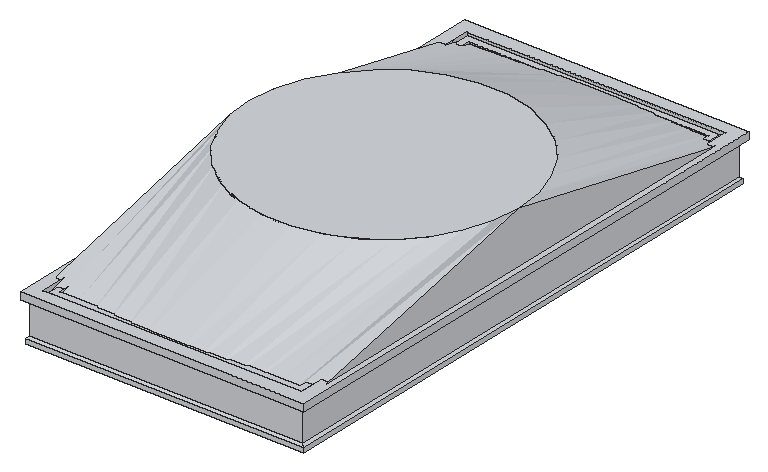
Revit family "M18", category Air Terminals, host Face, Revit 2025
Family settings
  Host = Face
  Round Connector Dimension = Use Diameter
  Part Type = Normal
  Cut with Voids When Loaded = No
  Maintain Annotation Orientation = Yes
  Shared = No
  Room Calculation Point = No
Parameters (values of type "Standard")
  X = 1/8"
  Width = 24"
  W = 5/16"
  V = 9/16"
  Length = 12"
  L = K - J  # 1 1/4"
  K = 2 1/2"
  J = 1 1/4"
  Duct Width/2 [instance] = Duct Width / 2  # 6"
  Duct Width [instance] = 12"
  Duct Height [instance] = 12"
  Default Elevation = 48"
  D' -3/4 = D' - 3/4"  # 11 1/4"
  D' -1/2 = D' - 1/2"  # 11 1/2"
  D' +1 3/4 = D' + 1 3/4"  # 13 3/4"
  D' = D / 2  # 12"
  D = 24"
Reference planes (in)
  plane 1 "Center (Front/Back)": y = 0
  plane 2: z = 0
  plane 3 "Center (Left/Right)": x = 0
  plane 4: x = 0
  plane 5: y = 0
Forms (in)
  Sweep 1, solid, detail levels medium+fine
    path origin (0.00024, -36, 1.12815) x (0, -1, 0) y (1, 0, 0)
      loop
        line (-48, -6.00024) -> (-24, -6.00024) -> (-24, 5.99976) -> (-48, 5.99976) -> (-48, -6.00024)
    profile origin (0, 12, 1.12815) x (0, 1, 0) y (0, 0, 1)
      loop
        line (-0.03676, -2.58251) -> (-0.13924, -2.68499) -> (-0.13924, -2.87026) -> (0.13924, -2.87026) -> (0.13924, -2.68499) -> (0.03676, -2.58251) -> (0.03676, -1.12815) -> (0.28125, -1.12815) -> (0.28125, -0.81565) -> (-0.28125, -0.81565) -> (-0.28125, -1.12815) -> (-0.03676, -1.12815) -> (-0.03676, -2.58251)
      loop
        line (-0.69236, -0.89539) -> (-0.69236, -0.9719) -> (-0.50139, -0.9719) -> (-0.50139, -1.24976) -> (-0.19275, -1.24976) -> (-0.19275, -1.18961) -> (-0.42802, -1.18961) -> (-0.42802, -0.89539) -> (-0.69236, -0.89539)
      loop
        line (-0.75, -2.2298) -> (-0.69236, -2.2298) -> (-0.69236, -1.0668) -> (-0.60874, -1.0668) -> (-0.60874, -1.3168) -> (-0.5554, -1.3168) -> (-0.5554, -1.01055) -> (-0.75, -1.01055) -> (-0.75, -2.2298)
  Extrusion 2, solid, detail levels medium
    sketch origin (0, 0, 0) x (1, 0, 0) y (0, 1, 0)
      loop
        line (-5.71875, 11.71875) -> (-5.71875, 11.57198) -> (5.57198, 11.57198) -> (5.57198, 11.71875) -> (-5.71875, 11.71875)
    from 0 to -1.04566
  Extrusion 3, solid, detail levels medium
    sketch origin (0, -23.29073, 0) x (1, 0, 0) y (0, 1, 0)
      loop
        line (-5.71875, 11.71875) -> (-5.71875, 11.57198) -> (5.57198, 11.57198) -> (5.57198, 11.71875) -> (-5.71875, 11.71875)
    from 0 to -1.04566
  Extrusion 4, solid, detail levels medium
    sketch origin (0, -0.68502, 0) x (1, 0, 0) y (0, 1, 0)
      loop
        line (-5.71875, 11.71875) -> (-5.71875, 11.57198) -> (5.57198, 11.57198) -> (5.57198, 11.71875) -> (-5.71875, 11.71875)
    from 0 to -1.04566
  Extrusion 5, solid, detail levels medium
    sketch origin (0, -1.37004, 0) x (1, 0, 0) y (0, 1, 0)
      loop
        line (-5.71875, 11.71875) -> (-5.71875, 11.57198) -> (5.57198, 11.57198) -> (5.57198, 11.71875) -> (-5.71875, 11.71875)
    from 0 to -1.04566
  Extrusion 6, solid, detail levels medium
    sketch origin (0, -2.05506, 0) x (1, 0, 0) y (0, 1, 0)
      loop
        line (-5.71875, 11.71875) -> (-5.71875, 11.57198) -> (5.57198, 11.57198) -> (5.57198, 11.71875) -> (-5.71875, 11.71875)
    from 0 to -1.04566
  Extrusion 7, solid, detail levels medium
    sketch origin (0, -2.74009, 0) x (1, 0, 0) y (0, 1, 0)
      loop
        line (-5.71875, 11.71875) -> (-5.71875, 11.57198) -> (5.57198, 11.57198) -> (5.57198, 11.71875) -> (-5.71875, 11.71875)
    from 0 to -1.04566
  Extrusion 8, solid, detail levels medium
    sketch origin (0, -3.42511, 0) x (1, 0, 0) y (0, 1, 0)
      loop
        line (-5.71875, 11.71875) -> (-5.71875, 11.57198) -> (5.57198, 11.57198) -> (5.57198, 11.71875) -> (-5.71875, 11.71875)
    from 0 to -1.04566
  Extrusion 9, solid, detail levels medium
    sketch origin (0, -4.11013, 0) x (1, 0, 0) y (0, 1, 0)
      loop
        line (-5.71875, 11.71875) -> (-5.71875, 11.57198) -> (5.57198, 11.57198) -> (5.57198, 11.71875) -> (-5.71875, 11.71875)
    from 0 to -1.04566
  Extrusion 10, solid, detail levels medium
    sketch origin (0, -4.79515, 0) x (1, 0, 0) y (0, 1, 0)
      loop
        line (-5.71875, 11.71875) -> (-5.71875, 11.57198) -> (5.57198, 11.57198) -> (5.57198, 11.71875) -> (-5.71875, 11.71875)
    from 0 to -1.04566
  Extrusion 11, solid, detail levels medium
    sketch origin (0, -5.48017, 0) x (1, 0, 0) y (0, 1, 0)
      loop
        line (-5.71875, 11.71875) -> (-5.71875, 11.57198) -> (5.57198, 11.57198) -> (5.57198, 11.71875) -> (-5.71875, 11.71875)
    from 0 to -1.04566
  Extrusion 12, solid, detail levels medium
    sketch origin (0, -6.16519, 0) x (1, 0, 0) y (0, 1, 0)
      loop
        line (-5.71875, 11.71875) -> (-5.71875, 11.57198) -> (5.57198, 11.57198) -> (5.57198, 11.71875) -> (-5.71875, 11.71875)
    from 0 to -1.04566
  Extrusion 13, solid, detail levels medium
    sketch origin (0, -6.85021, 0) x (1, 0, 0) y (0, 1, 0)
      loop
        line (-5.71875, 11.71875) -> (-5.71875, 11.57198) -> (5.57198, 11.57198) -> (5.57198, 11.71875) -> (-5.71875, 11.71875)
    from 0 to -1.04566
  Extrusion 14, solid, detail levels medium
    sketch origin (0, -7.53524, 0) x (1, 0, 0) y (0, 1, 0)
      loop
        line (-5.71875, 11.71875) -> (-5.71875, 11.57198) -> (5.57198, 11.57198) -> (5.57198, 11.71875) -> (-5.71875, 11.71875)
    from 0 to -1.04566
  Extrusion 15, solid, detail levels medium
    sketch origin (0, -8.22026, 0) x (1, 0, 0) y (0, 1, 0)
      loop
        line (-5.71875, 11.71875) -> (-5.71875, 11.57198) -> (5.57198, 11.57198) -> (5.57198, 11.71875) -> (-5.71875, 11.71875)
    from 0 to -1.04566
  Extrusion 16, solid, detail levels medium
    sketch origin (0, -8.90528, 0) x (1, 0, 0) y (0, 1, 0)
      loop
        line (-5.71875, 11.71875) -> (-5.71875, 11.57198) -> (5.57198, 11.57198) -> (5.57198, 11.71875) -> (-5.71875, 11.71875)
    from 0 to -1.04566
  Extrusion 17, solid, detail levels medium
    sketch origin (0, -9.5903, 0) x (1, 0, 0) y (0, 1, 0)
      loop
        line (-5.71875, 11.71875) -> (-5.71875, 11.57198) -> (5.57198, 11.57198) -> (5.57198, 11.71875) -> (-5.71875, 11.71875)
    from 0 to -1.04566
  Extrusion 18, solid, detail levels medium
    sketch origin (0, -10.27532, 0) x (1, 0, 0) y (0, 1, 0)
      loop
        line (-5.71875, 11.71875) -> (-5.71875, 11.57198) -> (5.57198, 11.57198) -> (5.57198, 11.71875) -> (-5.71875, 11.71875)
    from 0 to -1.04566
  Extrusion 19, solid, detail levels medium
    sketch origin (0, -10.96034, 0) x (1, 0, 0) y (0, 1, 0)
      loop
        line (-5.71875, 11.71875) -> (-5.71875, 11.57198) -> (5.57198, 11.57198) -> (5.57198, 11.71875) -> (-5.71875, 11.71875)
    from 0 to -1.04566
  Extrusion 20, solid, detail levels medium
    sketch origin (0, -11.64536, 0) x (1, 0, 0) y (0, 1, 0)
      loop
        line (-5.71875, 11.71875) -> (-5.71875, 11.57198) -> (5.57198, 11.57198) -> (5.57198, 11.71875) -> (-5.71875, 11.71875)
    from 0 to -1.04566
  Extrusion 21, solid, detail levels medium
    sketch origin (0, -12.33038, 0) x (1, 0, 0) y (0, 1, 0)
      loop
        line (-5.71875, 11.71875) -> (-5.71875, 11.57198) -> (5.57198, 11.57198) -> (5.57198, 11.71875) -> (-5.71875, 11.71875)
    from 0 to -1.04566
  Extrusion 22, solid, detail levels medium
    sketch origin (0, -13.01541, 0) x (1, 0, 0) y (0, 1, 0)
      loop
        line (-5.71875, 11.71875) -> (-5.71875, 11.57198) -> (5.57198, 11.57198) -> (5.57198, 11.71875) -> (-5.71875, 11.71875)
    from 0 to -1.04566
  Extrusion 23, solid, detail levels medium
    sketch origin (0, -13.70043, 0) x (1, 0, 0) y (0, 1, 0)
      loop
        line (-5.71875, 11.71875) -> (-5.71875, 11.57198) -> (5.57198, 11.57198) -> (5.57198, 11.71875) -> (-5.71875, 11.71875)
    from 0 to -1.04566
  Extrusion 24, solid, detail levels medium
    sketch origin (0, -14.38545, 0) x (1, 0, 0) y (0, 1, 0)
      loop
        line (-5.71875, 11.71875) -> (-5.71875, 11.57198) -> (5.57198, 11.57198) -> (5.57198, 11.71875) -> (-5.71875, 11.71875)
    from 0 to -1.04566
  Extrusion 25, solid, detail levels medium
    sketch origin (0, -15.07047, 0) x (1, 0, 0) y (0, 1, 0)
      loop
        line (-5.71875, 11.71875) -> (-5.71875, 11.57198) -> (5.57198, 11.57198) -> (5.57198, 11.71875) -> (-5.71875, 11.71875)
    from 0 to -1.04566
  Extrusion 26, solid, detail levels medium
    sketch origin (0, -15.75549, 0) x (1, 0, 0) y (0, 1, 0)
      loop
        line (-5.71875, 11.71875) -> (-5.71875, 11.57198) -> (5.57198, 11.57198) -> (5.57198, 11.71875) -> (-5.71875, 11.71875)
    from 0 to -1.04566
  Extrusion 27, solid, detail levels medium
    sketch origin (0, -16.44051, 0) x (1, 0, 0) y (0, 1, 0)
      loop
        line (-5.71875, 11.71875) -> (-5.71875, 11.57198) -> (5.57198, 11.57198) -> (5.57198, 11.71875) -> (-5.71875, 11.71875)
    from 0 to -1.04566
  Extrusion 28, solid, detail levels medium
    sketch origin (0, -17.12553, 0) x (1, 0, 0) y (0, 1, 0)
      loop
        line (-5.71875, 11.71875) -> (-5.71875, 11.57198) -> (5.57198, 11.57198) -> (5.57198, 11.71875) -> (-5.71875, 11.71875)
    from 0 to -1.04566
  Extrusion 29, solid, detail levels medium
    sketch origin (0, -17.81056, 0) x (1, 0, 0) y (0, 1, 0)
      loop
        line (-5.71875, 11.71875) -> (-5.71875, 11.57198) -> (5.57198, 11.57198) -> (5.57198, 11.71875) -> (-5.71875, 11.71875)
    from 0 to -1.04566
  Extrusion 30, solid, detail levels medium
    sketch origin (0, -18.49558, 0) x (1, 0, 0) y (0, 1, 0)
      loop
        line (-5.71875, 11.71875) -> (-5.71875, 11.57198) -> (5.57198, 11.57198) -> (5.57198, 11.71875) -> (-5.71875, 11.71875)
    from 0 to -1.04566
  Extrusion 31, solid, detail levels medium
    sketch origin (0, -19.1806, 0) x (1, 0, 0) y (0, 1, 0)
      loop
        line (-5.71875, 11.71875) -> (-5.71875, 11.57198) -> (5.57198, 11.57198) -> (5.57198, 11.71875) -> (-5.71875, 11.71875)
    from 0 to -1.04566
  Extrusion 32, solid, detail levels medium
    sketch origin (0, -19.86562, 0) x (1, 0, 0) y (0, 1, 0)
      loop
        line (-5.71875, 11.71875) -> (-5.71875, 11.57198) -> (5.57198, 11.57198) -> (5.57198, 11.71875) -> (-5.71875, 11.71875)
    from 0 to -1.04566
  Extrusion 33, solid, detail levels medium
    sketch origin (0, -20.55064, 0) x (1, 0, 0) y (0, 1, 0)
      loop
        line (-5.71875, 11.71875) -> (-5.71875, 11.57198) -> (5.57198, 11.57198) -> (5.57198, 11.71875) -> (-5.71875, 11.71875)
    from 0 to -1.04566
  Extrusion 34, solid, detail levels medium
    sketch origin (0, -21.23566, 0) x (1, 0, 0) y (0, 1, 0)
      loop
        line (-5.71875, 11.71875) -> (-5.71875, 11.57198) -> (5.57198, 11.57198) -> (5.57198, 11.71875) -> (-5.71875, 11.71875)
    from 0 to -1.04566
  Extrusion 35, solid, detail levels medium
    sketch origin (0, -21.92068, 0) x (1, 0, 0) y (0, 1, 0)
      loop
        line (-5.71875, 11.71875) -> (-5.71875, 11.57198) -> (5.57198, 11.57198) -> (5.57198, 11.71875) -> (-5.71875, 11.71875)
    from 0 to -1.04566
  Extrusion 36, solid, detail levels medium
    sketch origin (0, -22.60571, 0) x (1, 0, 0) y (0, 1, 0)
      loop
        line (-5.71875, 11.71875) -> (-5.71875, 11.57198) -> (5.57198, 11.57198) -> (5.57198, 11.71875) -> (-5.71875, 11.71875)
    from 0 to -1.04566
  Extrusion 37, solid, detail levels medium
    sketch origin (0, 0, 0) x (1, 0, 0) y (0, 1, 0)
      loop
        line (5.4446, 11.71875) -> (5.4446, -11.71875) -> (5.57198, -11.71875) -> (5.57198, 11.71875) -> (5.4446, 11.71875)
    from 0 to -1.04566
  Extrusion 38, solid, detail levels medium
    sketch origin (-11.16335, 0, 0) x (1, 0, 0) y (0, 1, 0)
      loop
        line (5.4446, 11.71875) -> (5.4446, -11.71875) -> (5.57198, -11.71875) -> (5.57198, 11.71875) -> (5.4446, 11.71875)
    from 0 to -1.04566
  Extrusion 39, solid, detail levels medium
    sketch origin (-0.58754, 0, 0) x (1, 0, 0) y (0, 1, 0)
      loop
        line (5.4446, 11.71875) -> (5.4446, -11.71875) -> (5.57198, -11.71875) -> (5.57198, 11.71875) -> (5.4446, 11.71875)
    from 0 to -1.04566
  Extrusion 40, solid, detail levels medium
    sketch origin (-1.17509, 0, 0) x (1, 0, 0) y (0, 1, 0)
      loop
        line (5.4446, 11.71875) -> (5.4446, -11.71875) -> (5.57198, -11.71875) -> (5.57198, 11.71875) -> (5.4446, 11.71875)
    from 0 to -1.04566
  Extrusion 41, solid, detail levels medium
    sketch origin (-1.76263, 0, 0) x (1, 0, 0) y (0, 1, 0)
      loop
        line (5.4446, 11.71875) -> (5.4446, -11.71875) -> (5.57198, -11.71875) -> (5.57198, 11.71875) -> (5.4446, 11.71875)
    from 0 to -1.04566
  Extrusion 42, solid, detail levels medium
    sketch origin (-2.35018, 0, 0) x (1, 0, 0) y (0, 1, 0)
      loop
        line (5.4446, 11.71875) -> (5.4446, -11.71875) -> (5.57198, -11.71875) -> (5.57198, 11.71875) -> (5.4446, 11.71875)
    from 0 to -1.04566
  Extrusion 43, solid, detail levels medium
    sketch origin (-2.93772, 0, 0) x (1, 0, 0) y (0, 1, 0)
      loop
        line (5.4446, 11.71875) -> (5.4446, -11.71875) -> (5.57198, -11.71875) -> (5.57198, 11.71875) -> (5.4446, 11.71875)
    from 0 to -1.04566
  Extrusion 44, solid, detail levels medium
    sketch origin (-3.52527, 0, 0) x (1, 0, 0) y (0, 1, 0)
      loop
        line (5.4446, 11.71875) -> (5.4446, -11.71875) -> (5.57198, -11.71875) -> (5.57198, 11.71875) -> (5.4446, 11.71875)
    from 0 to -1.04566
  Extrusion 45, solid, detail levels medium
    sketch origin (-4.11281, 0, 0) x (1, 0, 0) y (0, 1, 0)
      loop
        line (5.4446, 11.71875) -> (5.4446, -11.71875) -> (5.57198, -11.71875) -> (5.57198, 11.71875) -> (5.4446, 11.71875)
    from 0 to -1.04566
  Extrusion 46, solid, detail levels medium
    sketch origin (-4.70036, 0, 0) x (1, 0, 0) y (0, 1, 0)
      loop
        line (5.4446, 11.71875) -> (5.4446, -11.71875) -> (5.57198, -11.71875) -> (5.57198, 11.71875) -> (5.4446, 11.71875)
    from 0 to -1.04566
  Extrusion 47, solid, detail levels medium
    sketch origin (-5.2879, 0, 0) x (1, 0, 0) y (0, 1, 0)
      loop
        line (5.4446, 11.71875) -> (5.4446, -11.71875) -> (5.57198, -11.71875) -> (5.57198, 11.71875) -> (5.4446, 11.71875)
    from 0 to -1.04566
  Extrusion 48, solid, detail levels medium
    sketch origin (-5.87545, 0, 0) x (1, 0, 0) y (0, 1, 0)
      loop
        line (5.4446, 11.71875) -> (5.4446, -11.71875) -> (5.57198, -11.71875) -> (5.57198, 11.71875) -> (5.4446, 11.71875)
    from 0 to -1.04566
  Extrusion 49, solid, detail levels medium
    sketch origin (-6.46299, 0, 0) x (1, 0, 0) y (0, 1, 0)
      loop
        line (5.4446, 11.71875) -> (5.4446, -11.71875) -> (5.57198, -11.71875) -> (5.57198, 11.71875) -> (5.4446, 11.71875)
    from 0 to -1.04566
  Extrusion 50, solid, detail levels medium
    sketch origin (-7.05054, 0, 0) x (1, 0, 0) y (0, 1, 0)
      loop
        line (5.4446, 11.71875) -> (5.4446, -11.71875) -> (5.57198, -11.71875) -> (5.57198, 11.71875) -> (5.4446, 11.71875)
    from 0 to -1.04566
  Extrusion 51, solid, detail levels medium
    sketch origin (-7.63808, 0, 0) x (1, 0, 0) y (0, 1, 0)
      loop
        line (5.4446, 11.71875) -> (5.4446, -11.71875) -> (5.57198, -11.71875) -> (5.57198, 11.71875) -> (5.4446, 11.71875)
    from 0 to -1.04566
  Extrusion 52, solid, detail levels medium
    sketch origin (-8.22563, 0, 0) x (1, 0, 0) y (0, 1, 0)
      loop
        line (5.4446, 11.71875) -> (5.4446, -11.71875) -> (5.57198, -11.71875) -> (5.57198, 11.71875) -> (5.4446, 11.71875)
    from 0 to -1.04566
  Extrusion 53, solid, detail levels medium
    sketch origin (-8.81317, 0, 0) x (1, 0, 0) y (0, 1, 0)
      loop
        line (5.4446, 11.71875) -> (5.4446, -11.71875) -> (5.57198, -11.71875) -> (5.57198, 11.71875) -> (5.4446, 11.71875)
    from 0 to -1.04566
  Extrusion 54, solid, detail levels medium
    sketch origin (-9.40072, 0, 0) x (1, 0, 0) y (0, 1, 0)
      loop
        line (5.4446, 11.71875) -> (5.4446, -11.71875) -> (5.57198, -11.71875) -> (5.57198, 11.71875) -> (5.4446, 11.71875)
    from 0 to -1.04566
  Extrusion 55, solid, detail levels medium
    sketch origin (-9.98826, 0, 0) x (1, 0, 0) y (0, 1, 0)
      loop
        line (5.4446, 11.71875) -> (5.4446, -11.71875) -> (5.57198, -11.71875) -> (5.57198, 11.71875) -> (5.4446, 11.71875)
    from 0 to -1.04566
  Extrusion 56, solid, detail levels medium
    sketch origin (-10.5758, 0, 0) x (1, 0, 0) y (0, 1, 0)
      loop
        line (5.4446, 11.71875) -> (5.4446, -11.71875) -> (5.57198, -11.71875) -> (5.57198, 11.71875) -> (5.4446, 11.71875)
    from 0 to -1.04566
  Extrusion 57, solid, not visible, detail levels medium
    sketch origin (0, 0, 0) x (1, 0, 0) y (0, 1, 0)
      loop
        line (5.4446, 11.71875) -> (5.4446, -11.71875) -> (5.57198, -11.71875) -> (5.57198, 11.71875) -> (5.4446, 11.71875)
    from 0 to -1.04566
  Extrusion 58, solid, not visible, detail levels medium
    sketch origin (0, 0, 0) x (1, 0, 0) y (0, 1, 0)
      loop
        line (-5.71875, 11.71875) -> (-5.71875, 11.57198) -> (5.57198, 11.57198) -> (5.57198, 11.71875) -> (-5.71875, 11.71875)
    from 0 to -1.04566
  Extrusion 59, solid, not visible, detail levels medium
    sketch origin (0, 0, 0) x (1, 0, 0) y (0, 1, 0)
      loop
        line (-5.71875, 11.71875) -> (-5.71875, 11.57198) -> (5.57198, 11.57198) -> (5.57198, 11.71875) -> (-5.71875, 11.71875)
    from 0 to -1.04566
  Extrusion 60, solid, not visible, detail levels medium
    sketch origin (0, -23.29073, 0) x (1, 0, 0) y (0, 1, 0)
      loop
        line (-5.71875, 11.71875) -> (-5.71875, 11.57198) -> (5.57198, 11.57198) -> (5.57198, 11.71875) -> (-5.71875, 11.71875)
    from 0 to -1.04566
  Extrusion 61, solid, not visible, detail levels medium
    sketch origin (0, -0.68502, 0) x (1, 0, 0) y (0, 1, 0)
      loop
        line (-5.71875, 11.71875) -> (-5.71875, 11.57198) -> (5.57198, 11.57198) -> (5.57198, 11.71875) -> (-5.71875, 11.71875)
    from 0 to -1.04566
  Extrusion 62, solid, not visible, detail levels medium
    sketch origin (0, -1.37004, 0) x (1, 0, 0) y (0, 1, 0)
      loop
        line (-5.71875, 11.71875) -> (-5.71875, 11.57198) -> (5.57198, 11.57198) -> (5.57198, 11.71875) -> (-5.71875, 11.71875)
    from 0 to -1.04566
  Extrusion 63, solid, not visible, detail levels medium
    sketch origin (0, -2.05506, 0) x (1, 0, 0) y (0, 1, 0)
      loop
        line (-5.71875, 11.71875) -> (-5.71875, 11.57198) -> (5.57198, 11.57198) -> (5.57198, 11.71875) -> (-5.71875, 11.71875)
    from 0 to -1.04566
  Extrusion 64, solid, not visible, detail levels medium
    sketch origin (0, -2.74009, 0) x (1, 0, 0) y (0, 1, 0)
      loop
        line (-5.71875, 11.71875) -> (-5.71875, 11.57198) -> (5.57198, 11.57198) -> (5.57198, 11.71875) -> (-5.71875, 11.71875)
    from 0 to -1.04566
  Extrusion 65, solid, not visible, detail levels medium
    sketch origin (0, -3.42511, 0) x (1, 0, 0) y (0, 1, 0)
      loop
        line (-5.71875, 11.71875) -> (-5.71875, 11.57198) -> (5.57198, 11.57198) -> (5.57198, 11.71875) -> (-5.71875, 11.71875)
    from 0 to -1.04566
  Extrusion 66, solid, not visible, detail levels medium
    sketch origin (0, -4.11013, 0) x (1, 0, 0) y (0, 1, 0)
      loop
        line (-5.71875, 11.71875) -> (-5.71875, 11.57198) -> (5.57198, 11.57198) -> (5.57198, 11.71875) -> (-5.71875, 11.71875)
    from 0 to -1.04566
  Extrusion 67, solid, not visible, detail levels medium
    sketch origin (0, -4.79515, 0) x (1, 0, 0) y (0, 1, 0)
      loop
        line (-5.71875, 11.71875) -> (-5.71875, 11.57198) -> (5.57198, 11.57198) -> (5.57198, 11.71875) -> (-5.71875, 11.71875)
    from 0 to -1.04566
  Extrusion 68, solid, not visible, detail levels medium
    sketch origin (0, -5.48017, 0) x (1, 0, 0) y (0, 1, 0)
      loop
        line (-5.71875, 11.71875) -> (-5.71875, 11.57198) -> (5.57198, 11.57198) -> (5.57198, 11.71875) -> (-5.71875, 11.71875)
    from 0 to -1.04566
  Extrusion 69, solid, not visible, detail levels medium
    sketch origin (0, -6.16519, 0) x (1, 0, 0) y (0, 1, 0)
      loop
        line (-5.71875, 11.71875) -> (-5.71875, 11.57198) -> (5.57198, 11.57198) -> (5.57198, 11.71875) -> (-5.71875, 11.71875)
    from 0 to -1.04566
  Extrusion 70, solid, not visible, detail levels medium
    sketch origin (0, -6.85021, 0) x (1, 0, 0) y (0, 1, 0)
      loop
        line (-5.71875, 11.71875) -> (-5.71875, 11.57198) -> (5.57198, 11.57198) -> (5.57198, 11.71875) -> (-5.71875, 11.71875)
    from 0 to -1.04566
  Extrusion 71, solid, not visible, detail levels medium
    sketch origin (0, -7.53524, 0) x (1, 0, 0) y (0, 1, 0)
      loop
        line (-5.71875, 11.71875) -> (-5.71875, 11.57198) -> (5.57198, 11.57198) -> (5.57198, 11.71875) -> (-5.71875, 11.71875)
    from 0 to -1.04566
  Extrusion 72, solid, not visible, detail levels medium
    sketch origin (0, -8.22026, 0) x (1, 0, 0) y (0, 1, 0)
      loop
        line (-5.71875, 11.71875) -> (-5.71875, 11.57198) -> (5.57198, 11.57198) -> (5.57198, 11.71875) -> (-5.71875, 11.71875)
    from 0 to -1.04566
  Extrusion 73, solid, not visible, detail levels medium
    sketch origin (0, -8.90528, 0) x (1, 0, 0) y (0, 1, 0)
      loop
        line (-5.71875, 11.71875) -> (-5.71875, 11.57198) -> (5.57198, 11.57198) -> (5.57198, 11.71875) -> (-5.71875, 11.71875)
    from 0 to -1.04566
  Extrusion 74, solid, not visible, detail levels medium
    sketch origin (0, -9.5903, 0) x (1, 0, 0) y (0, 1, 0)
      loop
        line (-5.71875, 11.71875) -> (-5.71875, 11.57198) -> (5.57198, 11.57198) -> (5.57198, 11.71875) -> (-5.71875, 11.71875)
    from 0 to -1.04566
  Extrusion 75, solid, not visible, detail levels medium
    sketch origin (0, -10.27532, 0) x (1, 0, 0) y (0, 1, 0)
      loop
        line (-5.71875, 11.71875) -> (-5.71875, 11.57198) -> (5.57198, 11.57198) -> (5.57198, 11.71875) -> (-5.71875, 11.71875)
    from 0 to -1.04566
  Extrusion 76, solid, not visible, detail levels medium
    sketch origin (0, -10.96034, 0) x (1, 0, 0) y (0, 1, 0)
      loop
        line (-5.71875, 11.71875) -> (-5.71875, 11.57198) -> (5.57198, 11.57198) -> (5.57198, 11.71875) -> (-5.71875, 11.71875)
    from 0 to -1.04566
  Extrusion 77, solid, not visible, detail levels medium
    sketch origin (0, -11.64536, 0) x (1, 0, 0) y (0, 1, 0)
      loop
        line (-5.71875, 11.71875) -> (-5.71875, 11.57198) -> (5.57198, 11.57198) -> (5.57198, 11.71875) -> (-5.71875, 11.71875)
    from 0 to -1.04566
  Extrusion 78, solid, not visible, detail levels medium
    sketch origin (0, -12.33038, 0) x (1, 0, 0) y (0, 1, 0)
      loop
        line (-5.71875, 11.71875) -> (-5.71875, 11.57198) -> (5.57198, 11.57198) -> (5.57198, 11.71875) -> (-5.71875, 11.71875)
    from 0 to -1.04566
  Extrusion 79, solid, not visible, detail levels medium
    sketch origin (0, -13.01541, 0) x (1, 0, 0) y (0, 1, 0)
      loop
        line (-5.71875, 11.71875) -> (-5.71875, 11.57198) -> (5.57198, 11.57198) -> (5.57198, 11.71875) -> (-5.71875, 11.71875)
    from 0 to -1.04566
  Extrusion 80, solid, not visible, detail levels medium
    sketch origin (0, -13.70043, 0) x (1, 0, 0) y (0, 1, 0)
      loop
        line (-5.71875, 11.71875) -> (-5.71875, 11.57198) -> (5.57198, 11.57198) -> (5.57198, 11.71875) -> (-5.71875, 11.71875)
    from 0 to -1.04566
  Extrusion 81, solid, not visible, detail levels medium
    sketch origin (0, -14.38545, 0) x (1, 0, 0) y (0, 1, 0)
      loop
        line (-5.71875, 11.71875) -> (-5.71875, 11.57198) -> (5.57198, 11.57198) -> (5.57198, 11.71875) -> (-5.71875, 11.71875)
    from 0 to -1.04566
  Extrusion 82, solid, not visible, detail levels medium
    sketch origin (0, -15.07047, 0) x (1, 0, 0) y (0, 1, 0)
      loop
        line (-5.71875, 11.71875) -> (-5.71875, 11.57198) -> (5.57198, 11.57198) -> (5.57198, 11.71875) -> (-5.71875, 11.71875)
    from 0 to -1.04566
  Extrusion 83, solid, not visible, detail levels medium
    sketch origin (0, -15.75549, 0) x (1, 0, 0) y (0, 1, 0)
      loop
        line (-5.71875, 11.71875) -> (-5.71875, 11.57198) -> (5.57198, 11.57198) -> (5.57198, 11.71875) -> (-5.71875, 11.71875)
    from 0 to -1.04566
  Extrusion 84, solid, not visible, detail levels medium
    sketch origin (0, -16.44051, 0) x (1, 0, 0) y (0, 1, 0)
      loop
        line (-5.71875, 11.71875) -> (-5.71875, 11.57198) -> (5.57198, 11.57198) -> (5.57198, 11.71875) -> (-5.71875, 11.71875)
    from 0 to -1.04566
  Extrusion 85, solid, not visible, detail levels medium
    sketch origin (0, -17.12553, 0) x (1, 0, 0) y (0, 1, 0)
      loop
        line (-5.71875, 11.71875) -> (-5.71875, 11.57198) -> (5.57198, 11.57198) -> (5.57198, 11.71875) -> (-5.71875, 11.71875)
    from 0 to -1.04566
  Extrusion 86, solid, not visible, detail levels medium
    sketch origin (0, -17.81056, 0) x (1, 0, 0) y (0, 1, 0)
      loop
        line (-5.71875, 11.71875) -> (-5.71875, 11.57198) -> (5.57198, 11.57198) -> (5.57198, 11.71875) -> (-5.71875, 11.71875)
    from 0 to -1.04566
  Extrusion 87, solid, not visible, detail levels medium
    sketch origin (0, -18.49558, 0) x (1, 0, 0) y (0, 1, 0)
      loop
        line (-5.71875, 11.71875) -> (-5.71875, 11.57198) -> (5.57198, 11.57198) -> (5.57198, 11.71875) -> (-5.71875, 11.71875)
    from 0 to -1.04566
  Extrusion 88, solid, not visible, detail levels medium
    sketch origin (0, -19.1806, 0) x (1, 0, 0) y (0, 1, 0)
      loop
        line (-5.71875, 11.71875) -> (-5.71875, 11.57198) -> (5.57198, 11.57198) -> (5.57198, 11.71875) -> (-5.71875, 11.71875)
    from 0 to -1.04566
  Extrusion 89, solid, not visible, detail levels medium
    sketch origin (0, -19.86562, 0) x (1, 0, 0) y (0, 1, 0)
      loop
        line (-5.71875, 11.71875) -> (-5.71875, 11.57198) -> (5.57198, 11.57198) -> (5.57198, 11.71875) -> (-5.71875, 11.71875)
    from 0 to -1.04566
  Extrusion 90, solid, not visible, detail levels medium
    sketch origin (0, -20.55064, 0) x (1, 0, 0) y (0, 1, 0)
      loop
        line (-5.71875, 11.71875) -> (-5.71875, 11.57198) -> (5.57198, 11.57198) -> (5.57198, 11.71875) -> (-5.71875, 11.71875)
    from 0 to -1.04566
  Extrusion 91, solid, not visible, detail levels medium
    sketch origin (0, -21.23566, 0) x (1, 0, 0) y (0, 1, 0)
      loop
        line (-5.71875, 11.71875) -> (-5.71875, 11.57198) -> (5.57198, 11.57198) -> (5.57198, 11.71875) -> (-5.71875, 11.71875)
    from 0 to -1.04566
  Extrusion 92, solid, not visible, detail levels medium
    sketch origin (0, -21.92068, 0) x (1, 0, 0) y (0, 1, 0)
      loop
        line (-5.71875, 11.71875) -> (-5.71875, 11.57198) -> (5.57198, 11.57198) -> (5.57198, 11.71875) -> (-5.71875, 11.71875)
    from 0 to -1.04566
  Extrusion 93, solid, not visible, detail levels medium
    sketch origin (0, -22.60571, 0) x (1, 0, 0) y (0, 1, 0)
      loop
        line (-5.71875, 11.71875) -> (-5.71875, 11.57198) -> (5.57198, 11.57198) -> (5.57198, 11.71875) -> (-5.71875, 11.71875)
    from 0 to -1.04566
  Extrusion 94, solid, not visible, detail levels medium
    sketch origin (0, 0, 0) x (1, 0, 0) y (0, 1, 0)
      loop
        line (5.4446, 11.71875) -> (5.4446, -11.71875) -> (5.57198, -11.71875) -> (5.57198, 11.71875) -> (5.4446, 11.71875)
    from 0 to -1.04566
  Extrusion 95, solid, not visible, detail levels medium
    sketch origin (-11.16335, 0, 0) x (1, 0, 0) y (0, 1, 0)
      loop
        line (5.4446, 11.71875) -> (5.4446, -11.71875) -> (5.57198, -11.71875) -> (5.57198, 11.71875) -> (5.4446, 11.71875)
    from 0 to -1.04566
  Extrusion 96, solid, not visible, detail levels medium
    sketch origin (-0.58754, 0, 0) x (1, 0, 0) y (0, 1, 0)
      loop
        line (5.4446, 11.71875) -> (5.4446, -11.71875) -> (5.57198, -11.71875) -> (5.57198, 11.71875) -> (5.4446, 11.71875)
    from 0 to -1.04566
  Extrusion 97, solid, not visible, detail levels medium
    sketch origin (-1.17509, 0, 0) x (1, 0, 0) y (0, 1, 0)
      loop
        line (5.4446, 11.71875) -> (5.4446, -11.71875) -> (5.57198, -11.71875) -> (5.57198, 11.71875) -> (5.4446, 11.71875)
    from 0 to -1.04566
  Extrusion 98, solid, not visible, detail levels medium
    sketch origin (-1.76263, 0, 0) x (1, 0, 0) y (0, 1, 0)
      loop
        line (5.4446, 11.71875) -> (5.4446, -11.71875) -> (5.57198, -11.71875) -> (5.57198, 11.71875) -> (5.4446, 11.71875)
    from 0 to -1.04566
  Extrusion 99, solid, not visible, detail levels medium
    sketch origin (-2.35018, 0, 0) x (1, 0, 0) y (0, 1, 0)
      loop
        line (5.4446, 11.71875) -> (5.4446, -11.71875) -> (5.57198, -11.71875) -> (5.57198, 11.71875) -> (5.4446, 11.71875)
    from 0 to -1.04566
  Extrusion 100, solid, not visible, detail levels medium
    sketch origin (-2.93772, 0, 0) x (1, 0, 0) y (0, 1, 0)
      loop
        line (5.4446, 11.71875) -> (5.4446, -11.71875) -> (5.57198, -11.71875) -> (5.57198, 11.71875) -> (5.4446, 11.71875)
    from 0 to -1.04566
  Extrusion 101, solid, not visible, detail levels medium
    sketch origin (-3.52527, 0, 0) x (1, 0, 0) y (0, 1, 0)
      loop
        line (5.4446, 11.71875) -> (5.4446, -11.71875) -> (5.57198, -11.71875) -> (5.57198, 11.71875) -> (5.4446, 11.71875)
    from 0 to -1.04566
  Extrusion 102, solid, not visible, detail levels medium
    sketch origin (-4.11281, 0, 0) x (1, 0, 0) y (0, 1, 0)
      loop
        line (5.4446, 11.71875) -> (5.4446, -11.71875) -> (5.57198, -11.71875) -> (5.57198, 11.71875) -> (5.4446, 11.71875)
    from 0 to -1.04566
  Extrusion 103, solid, not visible, detail levels medium
    sketch origin (-4.70036, 0, 0) x (1, 0, 0) y (0, 1, 0)
      loop
        line (5.4446, 11.71875) -> (5.4446, -11.71875) -> (5.57198, -11.71875) -> (5.57198, 11.71875) -> (5.4446, 11.71875)
    from 0 to -1.04566
  Extrusion 104, solid, not visible, detail levels medium
    sketch origin (-5.2879, 0, 0) x (1, 0, 0) y (0, 1, 0)
      loop
        line (5.4446, 11.71875) -> (5.4446, -11.71875) -> (5.57198, -11.71875) -> (5.57198, 11.71875) -> (5.4446, 11.71875)
    from 0 to -1.04566
  Extrusion 105, solid, not visible, detail levels medium
    sketch origin (-5.87545, 0, 0) x (1, 0, 0) y (0, 1, 0)
      loop
        line (5.4446, 11.71875) -> (5.4446, -11.71875) -> (5.57198, -11.71875) -> (5.57198, 11.71875) -> (5.4446, 11.71875)
    from 0 to -1.04566
  Extrusion 106, solid, not visible, detail levels medium
    sketch origin (-6.46299, 0, 0) x (1, 0, 0) y (0, 1, 0)
      loop
        line (5.4446, 11.71875) -> (5.4446, -11.71875) -> (5.57198, -11.71875) -> (5.57198, 11.71875) -> (5.4446, 11.71875)
    from 0 to -1.04566
  Extrusion 107, solid, not visible, detail levels medium
    sketch origin (-7.05054, 0, 0) x (1, 0, 0) y (0, 1, 0)
      loop
        line (5.4446, 11.71875) -> (5.4446, -11.71875) -> (5.57198, -11.71875) -> (5.57198, 11.71875) -> (5.4446, 11.71875)
    from 0 to -1.04566
  Extrusion 108, solid, not visible, detail levels medium
    sketch origin (-7.63808, 0, 0) x (1, 0, 0) y (0, 1, 0)
      loop
        line (5.4446, 11.71875) -> (5.4446, -11.71875) -> (5.57198, -11.71875) -> (5.57198, 11.71875) -> (5.4446, 11.71875)
    from 0 to -1.04566
  Extrusion 109, solid, not visible, detail levels medium
    sketch origin (-8.22563, 0, 0) x (1, 0, 0) y (0, 1, 0)
      loop
        line (5.4446, 11.71875) -> (5.4446, -11.71875) -> (5.57198, -11.71875) -> (5.57198, 11.71875) -> (5.4446, 11.71875)
    from 0 to -1.04566
  Extrusion 110, solid, not visible, detail levels medium
    sketch origin (-8.81317, 0, 0) x (1, 0, 0) y (0, 1, 0)
      loop
        line (5.4446, 11.71875) -> (5.4446, -11.71875) -> (5.57198, -11.71875) -> (5.57198, 11.71875) -> (5.4446, 11.71875)
    from 0 to -1.04566
  Extrusion 111, solid, not visible, detail levels medium
    sketch origin (-9.40072, 0, 0) x (1, 0, 0) y (0, 1, 0)
      loop
        line (5.4446, 11.71875) -> (5.4446, -11.71875) -> (5.57198, -11.71875) -> (5.57198, 11.71875) -> (5.4446, 11.71875)
    from 0 to -1.04566
  Extrusion 112, solid, not visible, detail levels medium
    sketch origin (-9.98826, 0, 0) x (1, 0, 0) y (0, 1, 0)
      loop
        line (5.4446, 11.71875) -> (5.4446, -11.71875) -> (5.57198, -11.71875) -> (5.57198, 11.71875) -> (5.4446, 11.71875)
    from 0 to -1.04566
  Extrusion 113, solid, not visible, detail levels medium
    sketch origin (-10.5758, 0, 0) x (1, 0, 0) y (0, 1, 0)
      loop
        line (5.4446, 11.71875) -> (5.4446, -11.71875) -> (5.57198, -11.71875) -> (5.57198, 11.71875) -> (5.4446, 11.71875)
    from 0 to -1.04566
  Extrusion 114, void
    sketch origin (0, 0, 0) x (1, 0, 0) y (0, 1, 0)
      loop
        line (-5.71875, 11.80725) -> (-5.71875, -11.80725) -> (5.57198, -11.80725) -> (5.57198, 11.80725) -> (-5.71875, 11.80725)
    from -0.64864 to 0.3125
  Blend 115, solid
    base sketch origin (0, 0, 0) x (1, 0, 0) y (0, 1, 0)
      loop
        line (-6, 12) -> (-6, -12) -> (6, -12) -> (6, 12) -> (-6, 12)
    top sketch origin (0, 0, 0) x (1, 0, 0) y (0, 1, 0)
      loop
        circle (0, 0) r 6
    from 0 to 2.58678
Cuts and joins
  Extrusion 114 cuts Extrusion 38
  joined: Extrusion 2, Extrusion 3, Extrusion 4, Extrusion 5, Extrusion 6, Extrusion 7, Extrusion 8, Extrusion 9, Extrusion 10, Extrusion 11, Extrusion 12, Extrusion 13, Extrusion 14, Extrusion 15, Extrusion 16, Extrusion 17, Extrusion 18, Extrusion 19, Extrusion 20, Extrusion 21, Extrusion 22, Extrusion 23, Extrusion 24, Extrusion 25, Extrusion 26, Extrusion 27, Extrusion 28, Extrusion 29, Extrusion 30, Extrusion 31, Extrusion 32, Extrusion 33, Extrusion 34, Extrusion 35, Extrusion 36, Extrusion 37, Extrusion 38, Extrusion 39, Extrusion 40, Extrusion 41, Extrusion 42, Extrusion 43, Extrusion 44, Extrusion 45, Extrusion 46, Extrusion 47, Extrusion 48, Extrusion 49, Extrusion 50, Extrusion 51, Extrusion 52, Extrusion 53, Extrusion 54, Extrusion 55, Extrusion 56
Lines and regions (in)
  symbolic lines, detail levels coarse
    curve 1: line (-6, 12, 0) -> (6, 12, 0)
    curve 2: line (-6, -12, 0) -> (-6, 12, 0)
    curve 3: line (6, -12, 0) -> (-6, -12, 0)
    curve 4: line (6, 12, 0) -> (6, -12, 0)
    curve 5: line (6, 12, 0) -> (-6, -12, 0)
    curve 6: line (6, -12, 0) -> (-6, 12, 0)
Dimensions and locks (in)
  equal spacing: Sweep 1 sketch curve, plane 3 "Center (Left/Right)", Sweep 1 sketch curve
  equal spacing: Sweep 1 sketch curve, plane 1 "Center (Front/Back)", Sweep 1 sketch curve
  "Length": Sweep 1 sketch curve to Sweep 1 sketch curve
  "Width": Sweep 1 sketch curve to Sweep 1 sketch curve
  equal spacing: group 7, group 9, group 10, group 11, group 12, group 13, group 14, group 15, group 16, group 17, group 18, group 19, group 20, group 21, group 22, group 23, group 24, group 25, group 26, group 27, group 28, group 29, group 30, group 31, group 32, group 33, group 34, group 35, group 36, group 37, group 38, group 39, group 40, group 41, group 8  (x2)
  equal spacing: group 8, group 41, group 40, group 39, group 38, group 37, group 36, group 35, group 34, group 33, group 32, group 31, group 30, group 29, group 28, group 27, group 26, group 25, group 24, group 23, group 22, group 21, group 20, group 19, group 18, group 17, group 16, group 15, group 14, group 13, group 12, group 11, group 10, group 9, group 7
  equal spacing: group 43, group 61, group 60, group 59, group 58, group 57, group 56, group 55, group 54, group 53, group 52, group 51, group 50, group 49, group 48, group 47, group 46, group 45, group 44, group 42
  equal spacing: group 42, group 44, group 45, group 46, group 47, group 48, group 49, group 50, group 51, group 52, group 53, group 54, group 55, group 56, group 57, group 58, group 59, group 60, group 61, group 43  (x2)
  equal spacing: curve 2, plane 3 "Center (Left/Right)", curve 4
  equal spacing: curve 1, plane 1 "Center (Front/Back)", curve 3
  "Width": curve 1 to curve 3
  "Length": curve 2 to curve 4
  equal spacing: Blend 115 sketch curve, plane 3 "Center (Left/Right)", Blend 115 sketch curve
  "Length": Blend 115 sketch curve to Blend 115 sketch curve
  equal spacing: Blend 115 sketch curve, plane 1 "Center (Front/Back)", Blend 115 sketch curve
  "Width": Blend 115 sketch curve to Blend 115 sketch curve
  "Duct Width": diameter of Blend 115 sketch curve
  aligned and locked: plane 2 to host face
  aligned and locked: level to host face
Automatic sketch dimensions
  host sketch curve to host sketch curve = 96"  (x2)
  Extrusion 2 sketch curve to Extrusion 2 sketch curve = 0.14677"
  Extrusion 2 sketch curve to Extrusion 2 sketch curve = 11.29073"
  Extrusion 3 sketch curve to Extrusion 3 sketch curve = 0.14677"
  Extrusion 3 sketch curve to Extrusion 3 sketch curve = 11.29073"
  Extrusion 4 sketch curve to Extrusion 4 sketch curve = 0.14677"
  Extrusion 4 sketch curve to Extrusion 4 sketch curve = 11.29073"
  Extrusion 5 sketch curve to Extrusion 5 sketch curve = 0.14677"
  Extrusion 5 sketch curve to Extrusion 5 sketch curve = 11.29073"
  Extrusion 6 sketch curve to Extrusion 6 sketch curve = 0.14677"
  Extrusion 6 sketch curve to Extrusion 6 sketch curve = 11.29073"
  Extrusion 7 sketch curve to Extrusion 7 sketch curve = 0.14677"
  Extrusion 7 sketch curve to Extrusion 7 sketch curve = 11.29073"
  Extrusion 8 sketch curve to Extrusion 8 sketch curve = 0.14677"
  Extrusion 8 sketch curve to Extrusion 8 sketch curve = 11.29073"
  Extrusion 9 sketch curve to Extrusion 9 sketch curve = 0.14677"
  Extrusion 9 sketch curve to Extrusion 9 sketch curve = 11.29073"
  Extrusion 10 sketch curve to Extrusion 10 sketch curve = 0.14677"
  Extrusion 10 sketch curve to Extrusion 10 sketch curve = 11.29073"
  Extrusion 11 sketch curve to Extrusion 11 sketch curve = 0.14677"
  Extrusion 11 sketch curve to Extrusion 11 sketch curve = 11.29073"
  Extrusion 12 sketch curve to Extrusion 12 sketch curve = 0.14677"
  Extrusion 12 sketch curve to Extrusion 12 sketch curve = 11.29073"
  Extrusion 13 sketch curve to Extrusion 13 sketch curve = 0.14677"
  Extrusion 13 sketch curve to Extrusion 13 sketch curve = 11.29073"
  Extrusion 14 sketch curve to Extrusion 14 sketch curve = 0.14677"
  Extrusion 14 sketch curve to Extrusion 14 sketch curve = 11.29073"
  Extrusion 15 sketch curve to Extrusion 15 sketch curve = 0.14677"
  Extrusion 15 sketch curve to Extrusion 15 sketch curve = 11.29073"
  Extrusion 16 sketch curve to Extrusion 16 sketch curve = 0.14677"
  Extrusion 16 sketch curve to Extrusion 16 sketch curve = 11.29073"
  Extrusion 17 sketch curve to Extrusion 17 sketch curve = 0.14677"
  Extrusion 17 sketch curve to Extrusion 17 sketch curve = 11.29073"
  Extrusion 18 sketch curve to Extrusion 18 sketch curve = 0.14677"
  Extrusion 18 sketch curve to Extrusion 18 sketch curve = 11.29073"
  Extrusion 19 sketch curve to Extrusion 19 sketch curve = 0.14677"
  Extrusion 19 sketch curve to Extrusion 19 sketch curve = 11.29073"
  Extrusion 20 sketch curve to Extrusion 20 sketch curve = 0.14677"
  Extrusion 20 sketch curve to Extrusion 20 sketch curve = 11.29073"
  Extrusion 21 sketch curve to Extrusion 21 sketch curve = 0.14677"
  Extrusion 21 sketch curve to Extrusion 21 sketch curve = 11.29073"
  Extrusion 22 sketch curve to Extrusion 22 sketch curve = 0.14677"
  Extrusion 22 sketch curve to Extrusion 22 sketch curve = 11.29073"
  Extrusion 23 sketch curve to Extrusion 23 sketch curve = 0.14677"
  Extrusion 23 sketch curve to Extrusion 23 sketch curve = 11.29073"
  Extrusion 24 sketch curve to Extrusion 24 sketch curve = 0.14677"
  Extrusion 24 sketch curve to Extrusion 24 sketch curve = 11.29073"
  Extrusion 25 sketch curve to Extrusion 25 sketch curve = 0.14677"
  Extrusion 25 sketch curve to Extrusion 25 sketch curve = 11.29073"
  Extrusion 26 sketch curve to Extrusion 26 sketch curve = 0.14677"
  Extrusion 26 sketch curve to Extrusion 26 sketch curve = 11.29073"
  Extrusion 27 sketch curve to Extrusion 27 sketch curve = 0.14677"
  Extrusion 27 sketch curve to Extrusion 27 sketch curve = 11.29073"
  Extrusion 28 sketch curve to Extrusion 28 sketch curve = 0.14677"
  Extrusion 28 sketch curve to Extrusion 28 sketch curve = 11.29073"
  Extrusion 29 sketch curve to Extrusion 29 sketch curve = 0.14677"
  Extrusion 29 sketch curve to Extrusion 29 sketch curve = 11.29073"
  Extrusion 30 sketch curve to Extrusion 30 sketch curve = 0.14677"
  Extrusion 30 sketch curve to Extrusion 30 sketch curve = 11.29073"
  Extrusion 31 sketch curve to Extrusion 31 sketch curve = 0.14677"
  Extrusion 31 sketch curve to Extrusion 31 sketch curve = 11.29073"
  Extrusion 32 sketch curve to Extrusion 32 sketch curve = 0.14677"
  Extrusion 32 sketch curve to Extrusion 32 sketch curve = 11.29073"
  Extrusion 33 sketch curve to Extrusion 33 sketch curve = 0.14677"
  Extrusion 33 sketch curve to Extrusion 33 sketch curve = 11.29073"
  Extrusion 34 sketch curve to Extrusion 34 sketch curve = 0.14677"
  Extrusion 34 sketch curve to Extrusion 34 sketch curve = 11.29073"
  Extrusion 35 sketch curve to Extrusion 35 sketch curve = 0.14677"
  Extrusion 35 sketch curve to Extrusion 35 sketch curve = 11.29073"
  Extrusion 36 sketch curve to Extrusion 36 sketch curve = 0.14677"
  Extrusion 36 sketch curve to Extrusion 36 sketch curve = 11.29073"
  Extrusion 37 sketch curve to Extrusion 37 sketch curve = 0.12738"
  Extrusion 37 sketch curve to Extrusion 37 sketch curve = 23 7/16"
  Extrusion 38 sketch curve to Extrusion 38 sketch curve = 0.12738"
  Extrusion 38 sketch curve to Extrusion 38 sketch curve = 23 7/16"
  Extrusion 39 sketch curve to Extrusion 39 sketch curve = 0.12738"
  Extrusion 39 sketch curve to Extrusion 39 sketch curve = 23 7/16"
  Extrusion 40 sketch curve to Extrusion 40 sketch curve = 0.12738"
  Extrusion 40 sketch curve to Extrusion 40 sketch curve = 23 7/16"
  Extrusion 41 sketch curve to Extrusion 41 sketch curve = 0.12738"
  Extrusion 41 sketch curve to Extrusion 41 sketch curve = 23 7/16"
  Extrusion 42 sketch curve to Extrusion 42 sketch curve = 0.12738"
  Extrusion 42 sketch curve to Extrusion 42 sketch curve = 23 7/16"
  Extrusion 43 sketch curve to Extrusion 43 sketch curve = 0.12738"
  Extrusion 43 sketch curve to Extrusion 43 sketch curve = 23 7/16"
  Extrusion 44 sketch curve to Extrusion 44 sketch curve = 0.12738"
  Extrusion 44 sketch curve to Extrusion 44 sketch curve = 23 7/16"
  Extrusion 45 sketch curve to Extrusion 45 sketch curve = 0.12738"
  Extrusion 45 sketch curve to Extrusion 45 sketch curve = 23 7/16"
  Extrusion 46 sketch curve to Extrusion 46 sketch curve = 0.12738"
  Extrusion 46 sketch curve to Extrusion 46 sketch curve = 23 7/16"
  Extrusion 47 sketch curve to Extrusion 47 sketch curve = 0.12738"
  Extrusion 47 sketch curve to Extrusion 47 sketch curve = 23 7/16"
  Extrusion 48 sketch curve to Extrusion 48 sketch curve = 0.12738"
  Extrusion 48 sketch curve to Extrusion 48 sketch curve = 23 7/16"
  Extrusion 49 sketch curve to Extrusion 49 sketch curve = 0.12738"
  Extrusion 49 sketch curve to Extrusion 49 sketch curve = 23 7/16"
  Extrusion 50 sketch curve to Extrusion 50 sketch curve = 0.12738"
  Extrusion 50 sketch curve to Extrusion 50 sketch curve = 23 7/16"
  Extrusion 51 sketch curve to Extrusion 51 sketch curve = 0.12738"
  Extrusion 51 sketch curve to Extrusion 51 sketch curve = 23 7/16"
  Extrusion 52 sketch curve to Extrusion 52 sketch curve = 0.12738"
  Extrusion 52 sketch curve to Extrusion 52 sketch curve = 23 7/16"
  Extrusion 53 sketch curve to Extrusion 53 sketch curve = 0.12738"
  Extrusion 53 sketch curve to Extrusion 53 sketch curve = 23 7/16"
  Extrusion 54 sketch curve to Extrusion 54 sketch curve = 0.12738"
  Extrusion 54 sketch curve to Extrusion 54 sketch curve = 23 7/16"
  Extrusion 55 sketch curve to Extrusion 55 sketch curve = 0.12738"
  Extrusion 55 sketch curve to Extrusion 55 sketch curve = 23 7/16"
  Extrusion 56 sketch curve to Extrusion 56 sketch curve = 0.12738"
  Extrusion 56 sketch curve to Extrusion 56 sketch curve = 23 7/16"
  Extrusion 57 sketch curve to Extrusion 57 sketch curve = 0.12738"
  Extrusion 57 sketch curve to Extrusion 57 sketch curve = 23 7/16"
  Extrusion 58 sketch curve to Extrusion 58 sketch curve = 0.14677"
  Extrusion 58 sketch curve to Extrusion 58 sketch curve = 11.29073"
  Extrusion 59 sketch curve to Extrusion 59 sketch curve = 0.14677"
  Extrusion 59 sketch curve to Extrusion 59 sketch curve = 11.29073"
  Extrusion 60 sketch curve to Extrusion 60 sketch curve = 0.14677"
  Extrusion 60 sketch curve to Extrusion 60 sketch curve = 11.29073"
  Extrusion 61 sketch curve to Extrusion 61 sketch curve = 0.14677"
  Extrusion 61 sketch curve to Extrusion 61 sketch curve = 11.29073"
  Extrusion 62 sketch curve to Extrusion 62 sketch curve = 0.14677"
  Extrusion 62 sketch curve to Extrusion 62 sketch curve = 11.29073"
  Extrusion 63 sketch curve to Extrusion 63 sketch curve = 0.14677"
  Extrusion 63 sketch curve to Extrusion 63 sketch curve = 11.29073"
  Extrusion 64 sketch curve to Extrusion 64 sketch curve = 0.14677"
  Extrusion 64 sketch curve to Extrusion 64 sketch curve = 11.29073"
  Extrusion 65 sketch curve to Extrusion 65 sketch curve = 0.14677"
  Extrusion 65 sketch curve to Extrusion 65 sketch curve = 11.29073"
  Extrusion 66 sketch curve to Extrusion 66 sketch curve = 0.14677"
  Extrusion 66 sketch curve to Extrusion 66 sketch curve = 11.29073"
  Extrusion 67 sketch curve to Extrusion 67 sketch curve = 0.14677"
  Extrusion 67 sketch curve to Extrusion 67 sketch curve = 11.29073"
  Extrusion 68 sketch curve to Extrusion 68 sketch curve = 0.14677"
  Extrusion 68 sketch curve to Extrusion 68 sketch curve = 11.29073"
  Extrusion 69 sketch curve to Extrusion 69 sketch curve = 0.14677"
  Extrusion 69 sketch curve to Extrusion 69 sketch curve = 11.29073"
  Extrusion 70 sketch curve to Extrusion 70 sketch curve = 0.14677"
  Extrusion 70 sketch curve to Extrusion 70 sketch curve = 11.29073"
  Extrusion 71 sketch curve to Extrusion 71 sketch curve = 0.14677"
  Extrusion 71 sketch curve to Extrusion 71 sketch curve = 11.29073"
  Extrusion 72 sketch curve to Extrusion 72 sketch curve = 0.14677"
  Extrusion 72 sketch curve to Extrusion 72 sketch curve = 11.29073"
  Extrusion 73 sketch curve to Extrusion 73 sketch curve = 0.14677"
  Extrusion 73 sketch curve to Extrusion 73 sketch curve = 11.29073"
  Extrusion 74 sketch curve to Extrusion 74 sketch curve = 0.14677"
  Extrusion 74 sketch curve to Extrusion 74 sketch curve = 11.29073"
  Extrusion 75 sketch curve to Extrusion 75 sketch curve = 0.14677"
  Extrusion 75 sketch curve to Extrusion 75 sketch curve = 11.29073"
  Extrusion 76 sketch curve to Extrusion 76 sketch curve = 0.14677"
  Extrusion 76 sketch curve to Extrusion 76 sketch curve = 11.29073"
  Extrusion 77 sketch curve to Extrusion 77 sketch curve = 0.14677"
  Extrusion 77 sketch curve to Extrusion 77 sketch curve = 11.29073"
  Extrusion 78 sketch curve to Extrusion 78 sketch curve = 0.14677"
  Extrusion 78 sketch curve to Extrusion 78 sketch curve = 11.29073"
  Extrusion 79 sketch curve to Extrusion 79 sketch curve = 0.14677"
  Extrusion 79 sketch curve to Extrusion 79 sketch curve = 11.29073"
  Extrusion 80 sketch curve to Extrusion 80 sketch curve = 0.14677"
  Extrusion 80 sketch curve to Extrusion 80 sketch curve = 11.29073"
  Extrusion 81 sketch curve to Extrusion 81 sketch curve = 0.14677"
  Extrusion 81 sketch curve to Extrusion 81 sketch curve = 11.29073"
  Extrusion 82 sketch curve to Extrusion 82 sketch curve = 0.14677"
  Extrusion 82 sketch curve to Extrusion 82 sketch curve = 11.29073"
  Extrusion 83 sketch curve to Extrusion 83 sketch curve = 0.14677"
  Extrusion 83 sketch curve to Extrusion 83 sketch curve = 11.29073"
  Extrusion 84 sketch curve to Extrusion 84 sketch curve = 0.14677"
  Extrusion 84 sketch curve to Extrusion 84 sketch curve = 11.29073"
  Extrusion 85 sketch curve to Extrusion 85 sketch curve = 0.14677"
  Extrusion 85 sketch curve to Extrusion 85 sketch curve = 11.29073"
  Extrusion 86 sketch curve to Extrusion 86 sketch curve = 0.14677"
  Extrusion 86 sketch curve to Extrusion 86 sketch curve = 11.29073"
  Extrusion 87 sketch curve to Extrusion 87 sketch curve = 0.14677"
  Extrusion 87 sketch curve to Extrusion 87 sketch curve = 11.29073"
  Extrusion 88 sketch curve to Extrusion 88 sketch curve = 0.14677"
  Extrusion 88 sketch curve to Extrusion 88 sketch curve = 11.29073"
  Extrusion 89 sketch curve to Extrusion 89 sketch curve = 0.14677"
  Extrusion 89 sketch curve to Extrusion 89 sketch curve = 11.29073"
  Extrusion 90 sketch curve to Extrusion 90 sketch curve = 0.14677"
  Extrusion 90 sketch curve to Extrusion 90 sketch curve = 11.29073"
  Extrusion 91 sketch curve to Extrusion 91 sketch curve = 0.14677"
  Extrusion 91 sketch curve to Extrusion 91 sketch curve = 11.29073"
  Extrusion 92 sketch curve to Extrusion 92 sketch curve = 0.14677"
  Extrusion 92 sketch curve to Extrusion 92 sketch curve = 11.29073"
  Extrusion 93 sketch curve to Extrusion 93 sketch curve = 0.14677"
  Extrusion 93 sketch curve to Extrusion 93 sketch curve = 11.29073"
  Extrusion 94 sketch curve to Extrusion 94 sketch curve = 0.12738"
  Extrusion 94 sketch curve to Extrusion 94 sketch curve = 23 7/16"
  Extrusion 95 sketch curve to Extrusion 95 sketch curve = 0.12738"
  Extrusion 95 sketch curve to Extrusion 95 sketch curve = 23 7/16"
  Extrusion 96 sketch curve to Extrusion 96 sketch curve = 0.12738"
  Extrusion 96 sketch curve to Extrusion 96 sketch curve = 23 7/16"
  Extrusion 97 sketch curve to Extrusion 97 sketch curve = 0.12738"
  Extrusion 97 sketch curve to Extrusion 97 sketch curve = 23 7/16"
  Extrusion 98 sketch curve to Extrusion 98 sketch curve = 0.12738"
  Extrusion 98 sketch curve to Extrusion 98 sketch curve = 23 7/16"
  Extrusion 99 sketch curve to Extrusion 99 sketch curve = 0.12738"
  Extrusion 99 sketch curve to Extrusion 99 sketch curve = 23 7/16"
  Extrusion 100 sketch curve to Extrusion 100 sketch curve = 0.12738"
  Extrusion 100 sketch curve to Extrusion 100 sketch curve = 23 7/16"
  Extrusion 101 sketch curve to Extrusion 101 sketch curve = 0.12738"
  Extrusion 101 sketch curve to Extrusion 101 sketch curve = 23 7/16"
  Extrusion 102 sketch curve to Extrusion 102 sketch curve = 0.12738"
  Extrusion 102 sketch curve to Extrusion 102 sketch curve = 23 7/16"
  Extrusion 103 sketch curve to Extrusion 103 sketch curve = 0.12738"
  Extrusion 103 sketch curve to Extrusion 103 sketch curve = 23 7/16"
  Extrusion 104 sketch curve to Extrusion 104 sketch curve = 0.12738"
  Extrusion 104 sketch curve to Extrusion 104 sketch curve = 23 7/16"
  Extrusion 105 sketch curve to Extrusion 105 sketch curve = 0.12738"
  Extrusion 105 sketch curve to Extrusion 105 sketch curve = 23 7/16"
  Extrusion 106 sketch curve to Extrusion 106 sketch curve = 0.12738"
  Extrusion 106 sketch curve to Extrusion 106 sketch curve = 23 7/16"
  Extrusion 107 sketch curve to Extrusion 107 sketch curve = 0.12738"
  Extrusion 107 sketch curve to Extrusion 107 sketch curve = 23 7/16"
  Extrusion 108 sketch curve to Extrusion 108 sketch curve = 0.12738"
  Extrusion 108 sketch curve to Extrusion 108 sketch curve = 23 7/16"
  Extrusion 109 sketch curve to Extrusion 109 sketch curve = 0.12738"
  Extrusion 109 sketch curve to Extrusion 109 sketch curve = 23 7/16"
  Extrusion 110 sketch curve to Extrusion 110 sketch curve = 0.12738"
  Extrusion 110 sketch curve to Extrusion 110 sketch curve = 23 7/16"
  Extrusion 111 sketch curve to Extrusion 111 sketch curve = 0.12738"
  Extrusion 111 sketch curve to Extrusion 111 sketch curve = 23 7/16"
  Extrusion 112 sketch curve to Extrusion 112 sketch curve = 0.12738"
  Extrusion 112 sketch curve to Extrusion 112 sketch curve = 23 7/16"
  Extrusion 113 sketch curve to Extrusion 113 sketch curve = 0.12738"
  Extrusion 113 sketch curve to Extrusion 113 sketch curve = 23 7/16"
  Extrusion 114 sketch curve to plane 3 "Center (Left/Right)" = 5 23/32"
  plane 3 "Center (Left/Right)" to Extrusion 114 sketch curve = 5.57198"
  plane 1 "Center (Front/Back)" to Extrusion 114 sketch curve = 11.80725"
  Extrusion 114 sketch curve to plane 1 "Center (Front/Back)" = 11.80725"
  Extrusion 4 sketch curve to plane 3 "Center (Left/Right)" = 5 23/32"
  Extrusion 4 sketch curve to plane 1 "Center (Front/Back)" = 10.88696"
  Extrusion 5 sketch curve to plane 3 "Center (Left/Right)" = 5 23/32"
  Extrusion 5 sketch curve to plane 1 "Center (Front/Back)" = 10.20193"
  Extrusion 6 sketch curve to plane 3 "Center (Left/Right)" = 5 23/32"
  Extrusion 6 sketch curve to plane 1 "Center (Front/Back)" = 9.51691"
  Extrusion 7 sketch curve to plane 3 "Center (Left/Right)" = 5 23/32"
  Extrusion 7 sketch curve to plane 1 "Center (Front/Back)" = 8.83189"
  Extrusion 8 sketch curve to plane 3 "Center (Left/Right)" = 5 23/32"
  Extrusion 8 sketch curve to plane 1 "Center (Front/Back)" = 8.14687"
  Extrusion 9 sketch curve to plane 3 "Center (Left/Right)" = 5 23/32"
  Extrusion 9 sketch curve to plane 1 "Center (Front/Back)" = 7.46185"
  Extrusion 10 sketch curve to plane 3 "Center (Left/Right)" = 5 23/32"
  Extrusion 10 sketch curve to plane 1 "Center (Front/Back)" = 6.77683"
  Extrusion 11 sketch curve to plane 3 "Center (Left/Right)" = 5 23/32"
  Extrusion 11 sketch curve to plane 1 "Center (Front/Back)" = 6.09181"
  Extrusion 12 sketch curve to plane 3 "Center (Left/Right)" = 5 23/32"
  Extrusion 12 sketch curve to plane 1 "Center (Front/Back)" = 5.40678"
  Extrusion 13 sketch curve to plane 3 "Center (Left/Right)" = 5 23/32"
  Extrusion 13 sketch curve to plane 1 "Center (Front/Back)" = 4.72176"
  Extrusion 14 sketch curve to plane 3 "Center (Left/Right)" = 5 23/32"
  Extrusion 14 sketch curve to plane 1 "Center (Front/Back)" = 4.03674"
  Extrusion 15 sketch curve to plane 3 "Center (Left/Right)" = 5 23/32"
  Extrusion 15 sketch curve to plane 1 "Center (Front/Back)" = 3.35172"
  Extrusion 16 sketch curve to plane 1 "Center (Front/Back)" = 2.6667"
  Extrusion 16 sketch curve to plane 3 "Center (Left/Right)" = 5 23/32"
  Extrusion 17 sketch curve to plane 1 "Center (Front/Back)" = 1.98168"
  Extrusion 17 sketch curve to plane 3 "Center (Left/Right)" = 5 23/32"
  Extrusion 18 sketch curve to plane 1 "Center (Front/Back)" = 1.29666"
  Extrusion 18 sketch curve to plane 3 "Center (Left/Right)" = 5 23/32"
  Extrusion 19 sketch curve to plane 1 "Center (Front/Back)" = 0.61163"
  Extrusion 19 sketch curve to plane 3 "Center (Left/Right)" = 5 23/32"
  plane 1 "Center (Front/Back)" to Extrusion 20 sketch curve = 0.07339"
  Extrusion 20 sketch curve to plane 3 "Center (Left/Right)" = 5 23/32"
  plane 1 "Center (Front/Back)" to Extrusion 21 sketch curve = 0.75841"
  Extrusion 21 sketch curve to plane 3 "Center (Left/Right)" = 5 23/32"
  plane 1 "Center (Front/Back)" to Extrusion 22 sketch curve = 1.44343"
  Extrusion 22 sketch curve to plane 3 "Center (Left/Right)" = 5 23/32"
  plane 1 "Center (Front/Back)" to Extrusion 23 sketch curve = 2.12845"
  Extrusion 23 sketch curve to plane 3 "Center (Left/Right)" = 5 23/32"
  plane 1 "Center (Front/Back)" to Extrusion 24 sketch curve = 2.81347"
  Extrusion 24 sketch curve to plane 3 "Center (Left/Right)" = 5 23/32"
  Extrusion 25 sketch curve to plane 3 "Center (Left/Right)" = 5 23/32"
  plane 1 "Center (Front/Back)" to Extrusion 25 sketch curve = 3.49849"
  Extrusion 26 sketch curve to plane 3 "Center (Left/Right)" = 5 23/32"
  plane 1 "Center (Front/Back)" to Extrusion 26 sketch curve = 4.18351"
  Extrusion 27 sketch curve to plane 3 "Center (Left/Right)" = 5 23/32"
  plane 1 "Center (Front/Back)" to Extrusion 27 sketch curve = 4.86854"
  Extrusion 28 sketch curve to plane 3 "Center (Left/Right)" = 5 23/32"
  plane 1 "Center (Front/Back)" to Extrusion 28 sketch curve = 5.55356"
  Extrusion 29 sketch curve to plane 3 "Center (Left/Right)" = 5 23/32"
  plane 1 "Center (Front/Back)" to Extrusion 29 sketch curve = 6.23858"
  Extrusion 30 sketch curve to plane 3 "Center (Left/Right)" = 5 23/32"
  plane 1 "Center (Front/Back)" to Extrusion 30 sketch curve = 6.9236"
  Extrusion 31 sketch curve to plane 3 "Center (Left/Right)" = 5 23/32"
  plane 1 "Center (Front/Back)" to Extrusion 31 sketch curve = 7.60862"
  Extrusion 32 sketch curve to plane 3 "Center (Left/Right)" = 5 23/32"
  plane 1 "Center (Front/Back)" to Extrusion 32 sketch curve = 8.29364"
  Extrusion 33 sketch curve to plane 3 "Center (Left/Right)" = 5 23/32"
  plane 1 "Center (Front/Back)" to Extrusion 33 sketch curve = 8.97866"
  Extrusion 34 sketch curve to plane 3 "Center (Left/Right)" = 5 23/32"
  plane 1 "Center (Front/Back)" to Extrusion 34 sketch curve = 9.66369"
  Extrusion 35 sketch curve to plane 3 "Center (Left/Right)" = 5 23/32"
  plane 1 "Center (Front/Back)" to Extrusion 35 sketch curve = 10.34871"
  Extrusion 36 sketch curve to plane 3 "Center (Left/Right)" = 5 23/32"
  plane 1 "Center (Front/Back)" to Extrusion 36 sketch curve = 11.03373"
  plane 3 "Center (Left/Right)" to Extrusion 39 sketch curve = 4.85705"
  plane 1 "Center (Front/Back)" to Extrusion 39 sketch curve = 11 23/32"
  plane 3 "Center (Left/Right)" to Extrusion 40 sketch curve = 4.26951"
